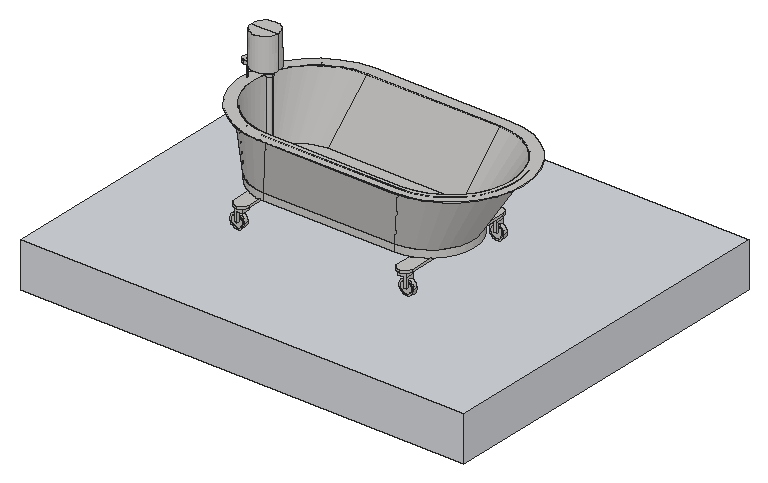
Revit family
Parameters (values of type "SB-100-M")
  Waste Connection = yes
  WFU = 0
  Voltage = 0
  Vent Connection = no
  URL = "http://www.whitehallmfg.com"
  Type Comments = ""
  Turbine Assy. - 60 Hz = no
  Turbine Assy. - 50 Hz = no
  Tempered Water Connection = yes
  Revised Date = "03/05/2012"
  Phone# = "626-336-4561"
  Model = "SB-100-M"
  Material = Stainless Steel
  Manufacturer = "Whitehall Manufacturing"
  HWFU = 0
  HW Connection = yes
  Designed By = "ATS BIM Team"
  Description = "SB Series 100 Gallon Slant Back Mobile Whirlpool SB-100-M"
  Default Elevation = 0"
  CWFU = 0
  CW Connection = yes
  Assembly Code = ""
  Amperage = 0
  -SDP Separate Drain Pump = no
  -PCS Pump Cover Strainer = no
  -GFI Ground Fault Interrupter = no
  -EG Enviro Glaze Color Powder Coating (Specify Color) = no
  -ALS Adjustable Low Stool = no
  -ALC Adjustable Low Chair = no
  -ADH Auxiliary Drain Hose Assembly = no
Reference planes (in)
  plane 1 "Center (Front/Back)": y = 0
  plane 2: z = 0
  plane 3 "Center (Left/Right)": x = 0
  plane 4: x = 37.6875
  plane 5: x = -38.0625
  plane 6: x = -23.3125
  plane 7: z = 8.6782248
  plane 8: z = 8.9711935
  plane 9: z = 31.109375
  plane 10: z = 26.5
Forms (in)
  Extrusion 1, solid
    sketch origin (0, 0, 0) x (1, 0, 0) y (0, 1, 0)
      loop
        line (-60, 48) -> (-60, -48) -> (60, -48) -> (60, 48) -> (-60, 48)
    from 0 to -12
  Blend 2, solid, material "Stainless Steel" <- "Material"
    base sketch origin (0, 0, 0) x (1, 0, 0) y (0, 1, 0)
      loop
        line (17.75, 17.75) -> (-17.875, 17.75)
        arc (-17.875, 17.75) -> (-35.625, 0) -> (-17.875, -17.75) r 17.75
        line (-17.875, -17.75) -> (17.75, -17.75)
        arc (17.75, -17.75) -> (35.5, 0) -> (17.75, 17.75) r 17.75
    top sketch origin (0, 0, 0) x (1, 0, 0) y (0, 1, 0)
      loop
        line (12.2658819, 11.8591181) -> (-23.0158819, 11.8591181)
        arc (-23.0158819, 11.8591181) -> (-34.875, 0) -> (-23.0158819, -11.8591181) r 11.8591181
        line (-23.0158819, -11.8591181) -> (12.2658819, -11.8591181)
        arc (12.2658819, -11.8591181) -> (24.125, 0) -> (12.2658819, 11.8591181) r 11.8591181
    from 26.5 to 8.5
  Blend 3, void
    base sketch origin (0, 0, 0) x (1, 0, 0) y (0, 1, 0)
      loop
        line (12.2658819, 10.8591181) -> (-24.0158819, 10.8591181)
        arc (-24.0158819, 10.8591181) -> (-34.875, 0) -> (-24.0158819, -10.8591181) r 10.8591181
        line (-24.0158819, -10.8591181) -> (12.2658819, -10.8591181)
        arc (12.2658819, -10.8591181) -> (23.125, 0) -> (12.2658819, 10.8591181) r 10.8591181
    top sketch origin (0, 0, 0) x (1, 0, 0) y (0, 1, 0)
      loop
        arc (-18.125, 16.75) -> (-34.875, 0) -> (-18.125, -16.75) r 16.75
        line (-18.125, -16.75) -> (17.75, -16.75)
        arc (17.75, -16.75) -> (34.5, 0) -> (17.75, 16.75) r 16.75
        line (17.75, 16.75) -> (-18.125, 16.75)
    from 8.9711935 to 26.5
  Extrusion 4, solid, material "Stainless Steel" <- "Material"
    sketch origin (-22.0979146, 15.1537388, 12.996087) x (0.999993, 0.003761, 0) y (0, 0, -1)
      loop
        line (38.803103, 6.496087) -> (41.1032518, 6.496087) -> (41.1032518, 8.3554748) -> (41.1032518, 10.996087) -> (40.303103, 10.996087) -> (40.303103, 8.3554748) -> (38.803103, 8.3554748) -> (38.803103, 6.496087)
    from -1.0493064 to 0.9506936
  Extrusion 5, solid, material "Stainless Steel" <- "Material"
    sketch origin (-22.2161519, 46.5910164, 12.996087) x (0.999993, 0.003761, 0) y (0, 0, -1)
      loop
        circle (40.7031774, 10.996087) r 2
    from -31.9868064 to -30.9868064
  Extrusion 6, solid, material "Stainless Steel" <- "Material"
    sketch origin (-22.2180324, 47.0910129, 12.996087) x (0.999993, 0.003761, 0) y (0, 0, -1)
      loop
        circle (40.7031774, 10.996087) r 1.5
    from -32.5445972 to -31.430933
  Extrusion 7, solid, material "Stainless Steel" <- "Material"
    sketch origin (0, 0, 26.375) x (1, 0, 0) y (0, 1, 0)
      loop
        line (17.9375, 16.75) -> (-18.3125, 16.75)
        arc (-18.3125, 16.75) -> (-35.0625, 0) -> (-18.3125, -16.75) r 16.75
        line (-18.3125, -16.75) -> (17.9375, -16.75)
        arc (17.9375, -16.75) -> (34.6875, 0) -> (17.9375, 16.75) r 16.75
      loop
        arc (-18.3125, 19.75) -> (-38.0625, 0) -> (-18.3125, -19.75) r 19.75
        line (-18.3125, -19.75) -> (17.9375, -19.75)
        arc (17.9375, -19.75) -> (37.6875, 0) -> (17.9375, 19.75) r 19.75
        line (17.9375, 19.75) -> (-18.3125, 19.75)
    from 0 to 0.125
  Extrusion 8, solid, material "Stainless Steel" <- "Material"
    sketch origin (0, 0, 1.6701703) x (1, 0, 0) y (0, 1, 0)
      loop
        arc (-23.0158819, 11.8591181) -> (-34.875, 0) -> (-23.0158819, -11.8591181) r 11.8591181
        line (-23.0158819, -11.8591181) -> (12.2658819, -11.8591181)
        arc (12.2658819, -11.8591181) -> (24.125, 0) -> (12.2658819, 11.8591181) r 11.8591181
        line (12.2658819, 11.8591181) -> (-23.0158819, 11.8591181)
    from 4.8298297 to 6.8298297
  Extrusion 9, solid, material "Stainless Steel" <- "Material"
    sketch origin (13.5979959, 15.1969906, 12.996087) x (-0.999993, 0.003761, 0) y (0, 0, 1)
      loop
        line (38.803103, -6.496087) -> (38.803103, -8.3554748) -> (40.303103, -8.3554748) -> (40.303103, -10.996087) -> (41.1032518, -10.996087) -> (41.1032518, -8.3554748) -> (41.1032518, -6.496087) -> (38.803103, -6.496087)
    from -1.0493064 to 0.9506936
  Extrusion 10, solid, material "Stainless Steel" <- "Material"
    sketch origin (13.7162332, 46.6342683, 12.996087) x (-0.999993, 0.003761, 0) y (0, 0, 1)
      loop
        circle (40.7031774, -10.996087) r 2
    from -31.9868064 to -30.9868064
  Extrusion 11, solid, material "Stainless Steel" <- "Material"
    sketch origin (13.7181138, 47.1342647, 12.996087) x (-0.999993, 0.003761, 0) y (0, 0, 1)
      loop
        circle (40.7031774, -10.996087) r 1.5
    from -32.5445972 to -31.430933
  Extrusion 12, solid, material "Stainless Steel" <- "Material"
    sketch origin (-11.4999187, 0.0432518, 6) x (-1, 0, 0) y (0, -1, 0)
      loop
        arc (12.8073378, -15.2171104) -> (14.8073378, -17.2171104) -> (16.8073378, -15.2171104) r 2
        line (16.8073378, -15.2171104) -> (16.8073378, 15.3036141)
        arc (16.8073378, 15.3036141) -> (14.8073378, 17.3036141) -> (12.8073378, 15.3036141) r 2
        line (12.8073378, 15.3036141) -> (12.8073378, -15.2171104)
      loop
        arc (-31.3176622, -15.2171104) -> (-29.3176622, -17.2171104) -> (-27.3176622, -15.2171104) r 2
        line (-27.3176622, -15.2171104) -> (-27.3176622, 15.3036141)
        arc (-27.3176622, 15.3036141) -> (-29.3176622, 17.3036141) -> (-31.3176622, 15.3036141) r 2
        line (-31.3176622, 15.3036141) -> (-31.3176622, -15.2171104)
    from 0 to 0.5
  Extrusion 13, solid, material "Stainless Steel" <- "Material"
    sketch origin (13.5979959, -15.1969906, 12.996087) x (-0.999993, -0.003761, 0) y (0, 0, -1)
      loop
        line (38.803103, 6.496087) -> (41.1032518, 6.496087) -> (41.1032518, 8.3554748) -> (41.1032518, 10.996087) -> (40.303103, 10.996087) -> (40.303103, 8.3554748) -> (38.803103, 8.3554748) -> (38.803103, 6.496087)
    from -1.0493064 to 0.9506936
  Extrusion 14, solid, material "Stainless Steel" <- "Material"
    sketch origin (13.7162332, -46.6342683, 12.996087) x (-0.999993, -0.003761, 0) y (0, 0, -1)
      loop
        circle (40.7031774, 10.996087) r 2
    from -31.9868064 to -30.9868064
  Extrusion 15, solid, material "Stainless Steel" <- "Material"
    sketch origin (13.7181138, -47.1342647, 12.996087) x (-0.999993, -0.003761, 0) y (0, 0, -1)
      loop
        circle (40.7031774, 10.996087) r 1.5
    from -32.5445972 to -31.430933
  Extrusion 16, solid, material "Stainless Steel" <- "Material"
    sketch origin (-22.0979146, -15.1537388, 12.996087) x (0.999993, -0.003761, 0) y (0, 0, 1)
      loop
        line (38.803103, -6.496087) -> (38.803103, -8.3554748) -> (40.303103, -8.3554748) -> (40.303103, -10.996087) -> (41.1032518, -10.996087) -> (41.1032518, -8.3554748) -> (41.1032518, -6.496087) -> (38.803103, -6.496087)
    from -1.0493064 to 0.9506936
  Extrusion 17, solid, material "Stainless Steel" <- "Material"
    sketch origin (-22.2161519, -46.5910164, 12.996087) x (0.999993, -0.003761, 0) y (0, 0, 1)
      loop
        circle (40.7031774, -10.996087) r 2
    from -31.9868064 to -30.9868064
  Extrusion 18, solid, material "Stainless Steel" <- "Material"
    sketch origin (-22.2180324, -47.0910129, 12.996087) x (0.999993, -0.003761, 0) y (0, 0, 1)
      loop
        circle (40.7031774, -10.996087) r 1.5
    from -32.5445972 to -31.430933
  Blend 19, void
    base sketch origin (0, 0, 0) x (1, 0, 0) y (0, 1, 0)
      loop
        circle (-23.3125, 0) r 0.9065
    top sketch origin (0, 0, 0) x (1, 0, 0) y (0, 1, 0)
      loop
        circle (-23.3125, 0) r 1.8125
    from 8.6782248 to 8.9711935
  Extrusion 20, void
    sketch origin (0, 0, 0) x (1, 0, 0) y (0, 1, 0)
      loop
        circle (-23.3125, 0) r 0.9065
    from 6.5 to 8.6782248
  Revolve 21, solid, material "Stainless Steel" <- "Material"
    sketch origin (0, 0, 0) x (1, 0, 0) y (0, 0, 1)
      loop
        line (-30.9536457, 8.9711935) -> (-30.9536457, 31.109375) -> (-31.8286457, 31.109375) -> (-31.8286457, 28.9711935) -> (-31.6411457, 28.9711935) -> (-31.6411457, 8.9711935) -> (-30.9536457, 8.9711935)
      axis (-30.9536457, 8.9711935) -> (-30.9536457, 31.109375)
    angle from 0 to 360
  Revolve 22, solid, material "Stainless Steel" <- "Material"
    sketch origin (-1.25, 0, 0) x (1, 0, 0) y (0, 0, 1)
      loop
        line (-30.9536457, 31.109375) -> (-27.2036457, 31.109375) -> (-27.3806457, 39.859375) -> (-30.9536457, 39.859375) -> (-30.9536457, 31.109375)
      axis (-30.9536457, 31.109375) -> (-30.9536457, 39.859375)
    angle from 0 to 360
  Revolve 23, solid, material "Stainless Steel" <- "Material"
    sketch origin (0, 0, 0) x (1, 0, 0) y (0, 0, 1)
      loop
        line (-37.0625, 26.5) -> (-37.0625, 30.9774175) -> (-37.1875, 30.9774175) -> (-37.1875, 26.5) -> (-37.0625, 26.5)
      axis (-37.0625, 26.5) -> (-37.0625, 30.9774175)
    angle from 0 to 360
  Blend 24, solid, material "Stainless Steel" <- "Material"
    base sketch origin (0, 0, 0) x (1, 0, 0) y (0, 1, 0)
      loop
        circle (-30.9536457, 0) r 0.875
    top sketch origin (0, 0, 0) x (1, 0, 0) y (0, 1, 0)
      loop
        circle (-32.2036457, 0) r 3.573
    from 29.8138137 to 31.109375
  Extrusion 25, solid, material "Stainless Steel" <- "Material"
    sketch origin (0, 0, 0) x (1, 0, 0) y (0, 1, 0)
      loop
        line (-36.9536457, -1.2338543) -> (-33.1713543, -1.2338543)
        arc (-33.1713543, -1.2338543) -> (-31.9375, 0) -> (-33.1713543, 1.2338543) r 1.2338543
        line (-33.1713543, 1.2338543) -> (-36.9536457, 1.2338543)
        arc (-36.9536457, 1.2338543) -> (-38.1875, 0) -> (-36.9536457, -1.2338543) r 1.2338543
    from 31.109375 to 30.2822276
Cuts and joins
  Blend 19, Extrusion 20 cuts Extrusion 4
  Blend 19, Extrusion 20 cuts Extrusion 5
  Blend 19, Extrusion 20 cuts Extrusion 6
  Blend 19, Extrusion 20 cuts Extrusion 7
  Blend 19, Extrusion 20 cuts Extrusion 8
  Blend 19, Extrusion 20 cuts Extrusion 9
  Blend 19, Extrusion 20 cuts Extrusion 10
  Blend 19, Extrusion 20 cuts Extrusion 11
  Blend 19, Extrusion 20 cuts Extrusion 12
  Blend 19, Extrusion 20 cuts Extrusion 13
  Blend 19, Extrusion 20 cuts Extrusion 14
  Blend 19, Extrusion 20 cuts Extrusion 15
  Blend 19, Extrusion 20 cuts Extrusion 16
  Blend 19, Extrusion 20 cuts Extrusion 17
  Blend 19, Extrusion 20 cuts Extrusion 18
  joined: Extrusion 4, Extrusion 5, Extrusion 6, Extrusion 7, Extrusion 8, Extrusion 9, Extrusion 10, Extrusion 11, Extrusion 12, Extrusion 13, Extrusion 14, Extrusion 15, Extrusion 16, Extrusion 17, Extrusion 18
  Blend 3, Blend 19, Extrusion 20 cuts Blend 2
  joined: Revolve 21, Revolve 22, Blend 24
Dimensions and locks (in)
  plane 5 to plane 4 = 75 3/4"
  plane 5 to plane 6 = 14 3/4"
  plane 8 to plane 7 = 75/256"
  plane 9 to plane 10 to plane 2 = 4 39/64", 26 1/2"
  aligned and locked: plane 2 to Extrusion 1
  aligned and locked: level to Extrusion 1
Connectors (in)
  piping at (-23.3125, 0, 6.5)
    settings: on cut or joined group of Extrusion 4, Extrusion 5, Extrusion 6, Extrusion 7, Extrusion 8, Extrusion 9, Extrusion 10, Extrusion 11, Extrusion 12, Extrusion 13, Extrusion 14, Extrusion 15, Extrusion 16, Extrusion 17, Extrusion 18, Blend 19, Extrusion 20, index 1
